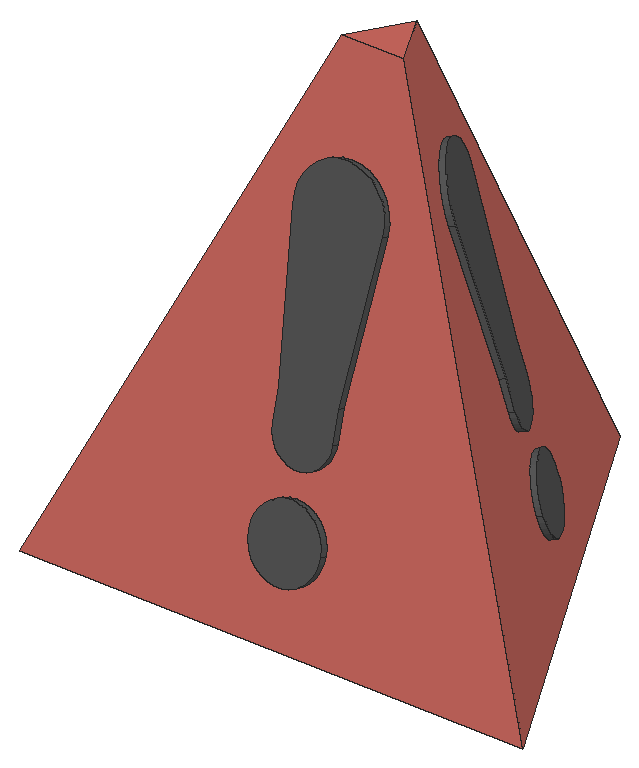
Revit family "Risk-Excavations", category Generic Models, Revit 2020
Family settings
  Can host rebar = No
  Round Connector Dimension = Use Diameter
  Part Type = Normal
  Work Plane-Based = No
  Always vertical = Yes
  Cut with Voids When Loaded = No
  Shared = No
  Room Calculation Point = Yes
Parameters
  Who is Likely to be Harmed [instance] = ""
  RiskBlock = Laminate, Red, Matte
  Risk Number [instance] = 0
  Risk Management Action Required [instance] = ""
  PD to include in Pre-Construct Info? [instance] = yes
  PD to include in Health and Safety File? [instance] = yes
  List Possible Hazards [instance] = ""
  Is the Risk Acceptable? [instance] = yes
  Exclamation = Laminate, Black
  Element of Design [instance] = ""
  Drawing/Spec. Reference [instance] = ""
  Default Elevation = 0 mm
  Date Risk or Hazard Removed & By Whom [instance] = ""
  Action Required By Who and By When [instance] = ""
Reference planes
  plane 1 "Center (Front/Back)": y = 0
  plane 2: z = 0
  plane 3 "Center (Left/Right)": x = 0
  plane 4 "Top": z = 800
Forms (mm)
  Extrusion 1, solid, material "Laminate, Black" <- "Exclamation"
    sketch origin (212.783, -257.679, -63.357) x (1, 0, 0) y (0, 0.254936, 0.966958)
      loop
        circle (-211.695, 212.66) r 60
      loop
        arc (-262.719, 362.315) -> (-212.378, 312.658) -> (-162.721, 362.999) r 50
        line (-162.721, 362.999) -> (-163.063, 412.997) -> (-140.104, 655.583)
        arc (-140.104, 655.583) -> (-215.283, 737.648) -> (-289.333, 654.563) r 75
        line (-289.333, 654.563) -> (-263.06, 412.314) -> (-262.719, 362.315)
    from 0 to 10
  Extrusion 2, solid, material "Laminate, Black" <- "Exclamation"
    sketch origin (222.945, 127.243, -62.445) x (-0.5, 0.866025, 0) y (-0.220211, -0.127139, 0.967131)
      loop
        circle (1.287, 211.098) r 60
      loop
        line (51.287, 361.098) -> (51.287, 411.098) -> (75.904, 653.521)
        arc (75.904, 653.521) -> (1.287, 736.098) -> (-73.329, 653.521) r 75
        line (-73.329, 653.521) -> (-48.713, 411.098) -> (-48.713, 361.098)
        arc (-48.713, 361.098) -> (1.287, 311.098) -> (51.287, 361.098) r 50
    from 0 to 10
  Extrusion 3, solid, material "Laminate, Black" <- "Exclamation"
    sketch origin (-216.457, 134.846, -61.837) x (-0.5, -0.866025, 0) y (0.218654, -0.12624, 0.967602)
      loop
        line (-75.018, 652.702) -> (-50.401, 410.278) -> (-50.401, 360.278)
        arc (-50.401, 360.278) -> (-0.401, 310.278) -> (49.599, 360.278) r 50
        line (49.599, 360.278) -> (49.599, 410.278) -> (74.215, 652.702)
        arc (74.215, 652.702) -> (-0.401, 735.278) -> (-75.018, 652.702) r 75
      loop
        circle (-0.401, 210.278) r 60
    from 10 to 0
  Blend 4, solid, material "Laminate, Red, Matte" <- "RiskBlock"
    base sketch origin (0, 0, 0) x (1, 0, 0) y (0, 1, 0)
      loop
        line (0.886, 479.025) -> (-414.806, -240.975) -> (416.578, -240.975) -> (0.886, 479.025)
    top sketch origin (0, 0, 0) x (1, 0, 0) y (0, 1, 0)
      loop
        line (-0.032, 59.943) -> (-51.993, -30.057) -> (51.93, -30.057) -> (-0.032, 59.943)
    from 0 to 800
Dimensions and locks
  plane 4 "Top" to plane 2 = 800 mm
  aligned and locked: level to plane 2
  aligned and locked: Extrusion 2 to Blend 4
Nested families
  nested 1: "RiskSymbol-Excavations" at (-0.962, 0, 0), type "RiskSymbol-Excavations"
Definition of nested family "RiskSymbol-Excavations"
  Reference planes
    plane 1: y = 0
    plane 2: x = 0
  Lines and regions (mm)
    Filled region 1, type "Red Fill"
      outline origin (0, 0, 0) x (1, 0, 0) y (0, 1, 0)
        loop
          line (-4.522, 6.607) -> (-5.552, 4.238) -> (-6.595, 4.238) -> (-6.596, 2.248) -> (-1.867, 2.245) -> (0.335, 6.605) -> (1.609, 4.144) -> (-0.225, 3.282)
          arc (-0.225, 3.282) -> (1.344, 2.769) -> (1.957, 4.303) r 1.207
          line (1.957, 4.303) -> (0.872, 7.108)
          arc (0.872, 7.108) -> (0.258, 7.753) -> (-0.107, 6.941) r 0.536
          line (-0.107, 6.941) -> (-1.891, 4.14) -> (-2.082, 5.847)
          arc (-2.082, 5.847) -> (-2.363, 6.389) -> (-2.933, 6.607) r 0.856
          line (-2.933, 6.607) -> (-4.522, 6.607)
        loop
          line (-2.273, 2) -> (-6.668, 2)
          arc (-6.668, 2) -> (-7.573, 1.095) -> (-6.668, 0.19) r 0.905
          line (-6.668, 0.19) -> (-2.273, 0.19)
          arc (-2.273, 0.19) -> (-1.368, 1.095) -> (-2.273, 2) r 0.905
        loop
          circle (-6.668, 1.095) r 0.411
        loop
          circle (-4.378, 1.095) r 0.411
        loop
          circle (-2.273, 1.095) r 0.411
        loop
          line (-2.288, 4.3) -> (-2.431, 5.656)
          arc (-2.431, 5.656) -> (-2.659, 6.104) -> (-3.128, 6.284) r 0.701
          line (-3.128, 6.284) -> (-4.104, 6.284) -> (-4.179, 4.3) -> (-2.288, 4.3)
        loop
          line (-7.5, 0) -> (-7.5, -5.233) -> (7.5, -5.233) -> (7.5, 0) -> (6.349, 0)
          arc (6.349, 0) -> (5.549, -0.331) -> (5.218, -1.13) r 1.13
          line (5.218, -1.13) -> (5.218, -2.35)
          arc (5.218, -2.35) -> (4.785, -3.397) -> (3.738, -3.831) r 1.481
          line (3.738, -3.831) -> (1.397, -3.831)
          arc (1.397, -3.831) -> (0.723, -3.551) -> (0.443, -2.876) r 0.954
          line (0.443, -2.876) -> (0.443, 0) -> (-7.5, 0)
        loop
          arc (1.308, 1.41) -> (1.308, 0.66) -> (1.957, 0.285) r 0.75
          line (1.957, 0.285) -> (6.51, 0.285)
          arc (6.51, 0.285) -> (7.159, 0.66) -> (7.159, 1.41) r 0.75
          line (7.159, 1.41) -> (4.872, 5.372)
          arc (4.872, 5.372) -> (4.233, 5.74) -> (3.595, 5.372) r 0.738
          line (3.595, 5.372) -> (1.308, 1.41)
        loop
          line (3.618, 4.205) -> (3.833, 1.805) -> (4.633, 1.805) -> (4.851, 4.205) -> (3.618, 4.205)
        loop
          line (4.717, 0.705) -> (4.717, 1.561) -> (3.749, 1.561) -> (3.749, 0.705) -> (4.717, 0.705)
  Text (mm)
    text "Risk: Excavation" at (-0.05, -8.683, 0)
